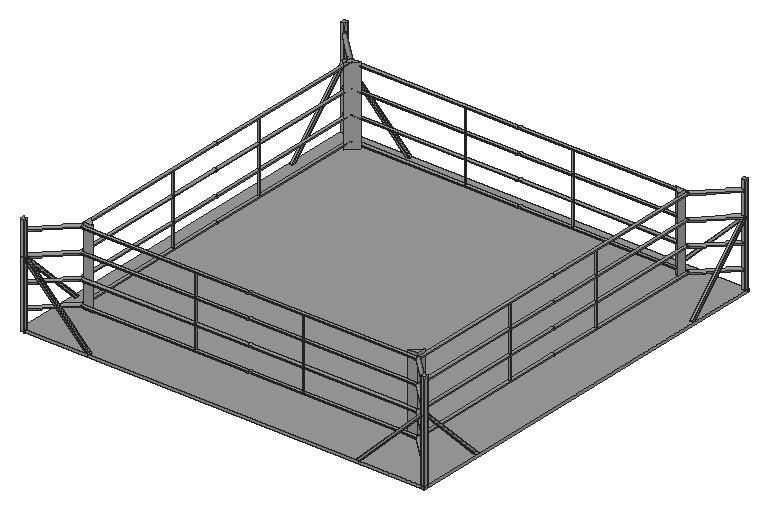
Revit family "Ринг боксерский", category Оборудование, Revit 2017
Family settings
  Размер круглого соединителя = Использовать диаметр
  Тип детали = Нормальный
  На основе рабочей плоскости = Нет
  Всегда вертикально = Да
  При загрузке вырезать с полостями = Нет
  Общий = Нет
  Точка расчета площади = Нет
Parameters
  Ширина = 6000.0 mm
  Примечание = ""
  Обозначение = ""
  Наименование = "Ринг боксерский"
  Масса = "620"
  Код оборудования = ""
  Keynote = ""
  Изготовитель = "Severin"
  Завод = ""
  Единицы = "шт."
  Группа модели = "ТХ"  # constant formula
  Глубина = 6000.0 mm
  Высота = 1500.0 mm
Reference planes
  plane 1 "По центру (Вперед/Назад)": y = 0
  plane 2: z = 0
  plane 3 "По центру (Влево/Вправо)": x = 0
  plane 4: x = 3000
  plane 5: x = -3000
  plane 6: y = -3000
  plane 7: y = 3000
  plane 8: through (1940, -1524, 0) normal (-0.7071, 0, 0.7071)
  plane 9: through (1980, -1524, 40) normal (-0.7071, 0, -0.7071)
  plane 10: z = 0
  plane 11: through (0, -2940, 1000) normal (0, -0.7071, -0.7071)
  plane 12: through (0, -1980, 40) normal (0, 0.7071, -0.7071)
  plane 13: x = 2500
  plane 14: x = -2500
  plane 15: y = -2500
  plane 16: y = 2500
  plane 17: through (2940, -3000, 1200) normal (-0.7071, 0.7071, 0)
  plane 18: z = 1500
  plane 19: y = -2470
  plane 20: z = 0
  plane 21: through (2940, 3000, 1200) normal (0.7071, 0.7071, 0)
  plane 22: y = 2470
  plane 23: z = 0
  plane 24: through (-2940, -3000, 1200) normal (-0.7071, -0.7071, 0)
  plane 25: y = -2470
  plane 26: z = 0
  plane 27: through (-2940, 3000, 1200) normal (0.7071, -0.7071, 0)
  plane 28: y = 2470
Forms (mm)
  Extrusion 1, solid, material "По умолчанию"
    sketch origin (0, 0, 0) x (1, 0, 0) y (0, 1, 0)
      loop
        line (-3000, 3000) -> (-3000, -3000) -> (3000, -3000) -> (3000, 3000) -> (-3000, 3000)
    from 0 to 40
  Extrusion 2, solid, material "По умолчанию"
    sketch origin (0, 0, 0) x (1, 0, 0) y (0, 1, 0)
      loop
        arc (2990, -3000) -> (2997.071, -2997.071) -> (3000, -2990) r 10
        line (3000, -2990) -> (3000, -2950)
        arc (3000, -2950) -> (2997.071, -2942.929) -> (2990, -2940) r 10
        line (2990, -2940) -> (2950, -2940)
        arc (2950, -2940) -> (2942.929, -2942.929) -> (2940, -2950) r 10
        line (2940, -2950) -> (2940, -2990)
        arc (2940, -2990) -> (2942.929, -2997.071) -> (2950, -3000) r 10
        line (2950, -3000) -> (2990, -3000)
    from 0 to 1500
  Extrusion 3, solid, material "По умолчанию"
    sketch origin (1980, -1514, 40) x (0.707107, 0, -0.707107) y (0, -1, 0)
      loop
        arc (41.344, 1471) -> (39.88, 1474.536) -> (36.344, 1476) r 5
        line (36.344, 1476) -> (6.344, 1476)
        arc (6.344, 1476) -> (2.809, 1474.536) -> (1.344, 1471) r 5
        line (1.344, 1471) -> (1.344, 1441)
        arc (1.344, 1441) -> (2.809, 1437.464) -> (6.344, 1436) r 5
        line (6.344, 1436) -> (36.344, 1436)
        arc (36.344, 1436) -> (39.88, 1437.464) -> (41.344, 1441) r 5
        line (41.344, 1441) -> (41.344, 1471)
    from 0 to -1380
  Extrusion 4, solid, material "По умолчанию"
    sketch origin (-10, -1980, 40) x (0, -0.707107, -0.707107) y (-1, 0, 0)
      loop
        line (44.344, -2995) -> (44.344, -2965)
        arc (44.344, -2965) -> (42.879, -2961.464) -> (39.344, -2960) r 5
        line (39.344, -2960) -> (9.344, -2960)
        arc (9.344, -2960) -> (5.808, -2961.464) -> (4.344, -2965) r 5
        line (4.344, -2965) -> (4.344, -2995)
        arc (4.344, -2995) -> (5.808, -2998.536) -> (9.344, -3000) r 5
        line (9.344, -3000) -> (39.344, -3000)
        arc (39.344, -3000) -> (42.879, -2998.536) -> (44.344, -2995) r 5
    from 0 to -1380
  Extrusion 5, solid, material "По умолчанию"
    sketch origin (2940, -3000, 1200) x (-0.707107, -0.707107, 0) y (0, 0, 1)
      loop
        circle (-44.853, -900) r 25
      loop
        circle (-44.853, -550) r 25
      loop
        circle (-44.853, -200) r 25
      loop
        circle (-44.853, 150) r 25
    from 0 to 670
  Extrusion 6, solid, material "По умолчанию"
    sketch origin (0, 0, 0) x (1, 0, 0) y (0, 1, 0)
      loop
        line (2340, -2480) -> (2480, -2480) -> (2480, -2340) -> (2340, -2480)
    from 250 to 1400
  Extrusion 7, solid, material "По умолчанию"
    sketch origin (2470, -2470, 1200) x (-1, 0, 0) y (0, 0, 1)
      loop
        circle (-30, -900) r 20
      loop
        circle (-30, -550) r 20
      loop
        circle (-30, -200) r 20
      loop
        circle (-30, 150) r 20
    from -30 to 2470
  Extrusion 8, solid, material "По умолчанию"
    sketch origin (2500, -2470, 1200) x (0, 1, 0) y (0, 0, 1)
      loop
        circle (-30, -900) r 20
      loop
        circle (-30, -550) r 20
      loop
        circle (-30, -200) r 20
      loop
        circle (-30, 150) r 20
    from 0 to -2500
  Extrusion 9, solid, material "По умолчанию"
    sketch origin (0, 0, 0) x (1, 0, 0) y (0, 1, 0)
      loop
        circle (800, -2500) r 10
      loop
        circle (2500, -800) r 10
    from 300 to 1350
  Extrusion 10, solid, material "По умолчанию"
    sketch origin (0, 0, 0) x (1, 0, 0) y (0, 1, 0)
      loop
        line (2990, 3000) -> (2950, 3000)
        arc (2950, 3000) -> (2942.929, 2997.071) -> (2940, 2990) r 10
        line (2940, 2990) -> (2940, 2950)
        arc (2940, 2950) -> (2942.929, 2942.929) -> (2950, 2940) r 10
        line (2950, 2940) -> (2990, 2940)
        arc (2990, 2940) -> (2997.071, 2942.929) -> (3000, 2950) r 10
        line (3000, 2950) -> (3000, 2990)
        arc (3000, 2990) -> (2997.071, 2997.071) -> (2990, 3000) r 10
    from 0 to 1500
  Extrusion 11, solid, material "По умолчанию"
    sketch origin (1980, 1514, 40) x (0.707107, 0, -0.707107) y (0, -1, 0)
      loop
        line (41.344, -1471) -> (41.344, -1441)
        arc (41.344, -1441) -> (39.88, -1437.464) -> (36.344, -1436) r 5
        line (36.344, -1436) -> (6.344, -1436)
        arc (6.344, -1436) -> (2.809, -1437.464) -> (1.344, -1441) r 5
        line (1.344, -1441) -> (1.344, -1471)
        arc (1.344, -1471) -> (2.809, -1474.536) -> (6.344, -1476) r 5
        line (6.344, -1476) -> (36.344, -1476)
        arc (36.344, -1476) -> (39.88, -1474.536) -> (41.344, -1471) r 5
    from 0 to -1380
  Extrusion 12, solid, material "По умолчанию"
    sketch origin (-10, 1980, 40) x (0, 0.707107, -0.707107) y (1, 0, 0)
      loop
        arc (44.344, 2995) -> (42.879, 2998.536) -> (39.344, 3000) r 5
        line (39.344, 3000) -> (9.344, 3000)
        arc (9.344, 3000) -> (5.808, 2998.536) -> (4.344, 2995) r 5
        line (4.344, 2995) -> (4.344, 2965)
        arc (4.344, 2965) -> (5.808, 2961.464) -> (9.344, 2960) r 5
        line (9.344, 2960) -> (39.344, 2960)
        arc (39.344, 2960) -> (42.879, 2961.464) -> (44.344, 2965) r 5
        line (44.344, 2965) -> (44.344, 2995)
    from 0 to -1380
  Extrusion 13, solid, material "По умолчанию"
    sketch origin (2940, 3000, 1200) x (-0.707107, 0.707107, 0) y (0, 0, -1)
      loop
        circle (-44.853, 900) r 25
      loop
        circle (-44.853, 550) r 25
      loop
        circle (-44.853, 200) r 25
      loop
        circle (-44.853, -150) r 25
    from 0 to 670
  Extrusion 14, solid, material "По умолчанию"
    sketch origin (0, 0, 0) x (1, 0, 0) y (0, 1, 0)
      loop
        line (2340, 2480) -> (2480, 2340) -> (2480, 2480) -> (2340, 2480)
    from 250 to 1400
  Extrusion 15, solid, material "По умолчанию"
    sketch origin (2470, 2470, 1200) x (-1, 0, 0) y (0, 0, -1)
      loop
        circle (-30, 900) r 20
      loop
        circle (-30, 550) r 20
      loop
        circle (-30, 200) r 20
      loop
        circle (-30, -150) r 20
    from -30 to 2470
  Extrusion 16, solid, material "По умолчанию"
    sketch origin (2500, 2470, 1200) x (0, -1, 0) y (0, 0, -1)
      loop
        circle (-30, 900) r 20
      loop
        circle (-30, 550) r 20
      loop
        circle (-30, 200) r 20
      loop
        circle (-30, -150) r 20
    from 0 to -2500
  Extrusion 17, solid, material "По умолчанию"
    sketch origin (0, 0, 0) x (1, 0, 0) y (0, 1, 0)
      loop
        circle (800, 2500) r 10
      loop
        circle (2500, 800) r 10
    from 300 to 1350
  Extrusion 18, solid, material "По умолчанию"
    sketch origin (0, 0, 0) x (-1, 0, 0) y (0, -1, 0)
      loop
        line (2990, 3000) -> (2950, 3000)
        arc (2950, 3000) -> (2942.929, 2997.071) -> (2940, 2990) r 10
        line (2940, 2990) -> (2940, 2950)
        arc (2940, 2950) -> (2942.929, 2942.929) -> (2950, 2940) r 10
        line (2950, 2940) -> (2990, 2940)
        arc (2990, 2940) -> (2997.071, 2942.929) -> (3000, 2950) r 10
        line (3000, 2950) -> (3000, 2990)
        arc (3000, 2990) -> (2997.071, 2997.071) -> (2990, 3000) r 10
    from 0 to 1500
  Extrusion 19, solid, material "По умолчанию"
    sketch origin (-1980, -1514, 40) x (-0.707107, 0, -0.707107) y (0, 1, 0)
      loop
        line (41.344, -1471) -> (41.344, -1441)
        arc (41.344, -1441) -> (39.88, -1437.464) -> (36.344, -1436) r 5
        line (36.344, -1436) -> (6.344, -1436)
        arc (6.344, -1436) -> (2.809, -1437.464) -> (1.344, -1441) r 5
        line (1.344, -1441) -> (1.344, -1471)
        arc (1.344, -1471) -> (2.809, -1474.536) -> (6.344, -1476) r 5
        line (6.344, -1476) -> (36.344, -1476)
        arc (36.344, -1476) -> (39.88, -1474.536) -> (41.344, -1471) r 5
    from 0 to -1380
  Extrusion 20, solid, material "По умолчанию"
    sketch origin (10, -1980, 40) x (0, -0.707107, -0.707107) y (-1, 0, 0)
      loop
        arc (44.344, 2995) -> (42.879, 2998.536) -> (39.344, 3000) r 5
        line (39.344, 3000) -> (9.344, 3000)
        arc (9.344, 3000) -> (5.808, 2998.536) -> (4.344, 2995) r 5
        line (4.344, 2995) -> (4.344, 2965)
        arc (4.344, 2965) -> (5.808, 2961.464) -> (9.344, 2960) r 5
        line (9.344, 2960) -> (39.344, 2960)
        arc (39.344, 2960) -> (42.879, 2961.464) -> (44.344, 2965) r 5
        line (44.344, 2965) -> (44.344, 2995)
    from 0 to -1380
  Extrusion 21, solid, material "По умолчанию"
    sketch origin (-2940, -3000, 1200) x (0.707107, -0.707107, 0) y (0, 0, -1)
      loop
        circle (-44.853, 900) r 25
      loop
        circle (-44.853, 550) r 25
      loop
        circle (-44.853, 200) r 25
      loop
        circle (-44.853, -150) r 25
    from 0 to 670
  Extrusion 22, solid, material "По умолчанию"
    sketch origin (0, 0, 0) x (-1, 0, 0) y (0, -1, 0)
      loop
        line (2340, 2480) -> (2480, 2340) -> (2480, 2480) -> (2340, 2480)
    from 250 to 1400
  Extrusion 23, solid, material "По умолчанию"
    sketch origin (-2470, -2470, 1200) x (1, 0, 0) y (0, 0, -1)
      loop
        circle (-30, 900) r 20
      loop
        circle (-30, 550) r 20
      loop
        circle (-30, 200) r 20
      loop
        circle (-30, -150) r 20
    from -30 to 2470
  Extrusion 24, solid, material "По умолчанию"
    sketch origin (-2500, -2470, 1200) x (0, 1, 0) y (0, 0, -1)
      loop
        circle (-30, 900) r 20
      loop
        circle (-30, 550) r 20
      loop
        circle (-30, 200) r 20
      loop
        circle (-30, -150) r 20
    from 0 to -2500
  Extrusion 25, solid, material "По умолчанию"
    sketch origin (0, 0, 0) x (-1, 0, 0) y (0, -1, 0)
      loop
        circle (800, 2500) r 10
      loop
        circle (2500, 800) r 10
    from 300 to 1350
  Extrusion 26, solid, material "По умолчанию"
    sketch origin (0, 0, 0) x (-1, 0, 0) y (0, -1, 0)
      loop
        arc (2990, -3000) -> (2997.071, -2997.071) -> (3000, -2990) r 10
        line (3000, -2990) -> (3000, -2950)
        arc (3000, -2950) -> (2997.071, -2942.929) -> (2990, -2940) r 10
        line (2990, -2940) -> (2950, -2940)
        arc (2950, -2940) -> (2942.929, -2942.929) -> (2940, -2950) r 10
        line (2940, -2950) -> (2940, -2990)
        arc (2940, -2990) -> (2942.929, -2997.071) -> (2950, -3000) r 10
        line (2950, -3000) -> (2990, -3000)
    from 0 to 1500
  Extrusion 27, solid, material "По умолчанию"
    sketch origin (-1980, 1514, 40) x (-0.707107, 0, -0.707107) y (0, 1, 0)
      loop
        arc (41.344, 1471) -> (39.88, 1474.536) -> (36.344, 1476) r 5
        line (36.344, 1476) -> (6.344, 1476)
        arc (6.344, 1476) -> (2.809, 1474.536) -> (1.344, 1471) r 5
        line (1.344, 1471) -> (1.344, 1441)
        arc (1.344, 1441) -> (2.809, 1437.464) -> (6.344, 1436) r 5
        line (6.344, 1436) -> (36.344, 1436)
        arc (36.344, 1436) -> (39.88, 1437.464) -> (41.344, 1441) r 5
        line (41.344, 1441) -> (41.344, 1471)
    from 0 to -1380
  Extrusion 28, solid, material "По умолчанию"
    sketch origin (10, 1980, 40) x (0, 0.707107, -0.707107) y (1, 0, 0)
      loop
        line (44.344, -2995) -> (44.344, -2965)
        arc (44.344, -2965) -> (42.879, -2961.464) -> (39.344, -2960) r 5
        line (39.344, -2960) -> (9.344, -2960)
        arc (9.344, -2960) -> (5.808, -2961.464) -> (4.344, -2965) r 5
        line (4.344, -2965) -> (4.344, -2995)
        arc (4.344, -2995) -> (5.808, -2998.536) -> (9.344, -3000) r 5
        line (9.344, -3000) -> (39.344, -3000)
        arc (39.344, -3000) -> (42.879, -2998.536) -> (44.344, -2995) r 5
    from 0 to -1380
  Extrusion 29, solid, material "По умолчанию"
    sketch origin (-2940, 3000, 1200) x (0.707107, 0.707107, 0) y (0, 0, 1)
      loop
        circle (-44.853, -900) r 25
      loop
        circle (-44.853, -550) r 25
      loop
        circle (-44.853, -200) r 25
      loop
        circle (-44.853, 150) r 25
    from 0 to 670
  Extrusion 30, solid, material "По умолчанию"
    sketch origin (0, 0, 0) x (-1, 0, 0) y (0, -1, 0)
      loop
        line (2340, -2480) -> (2480, -2480) -> (2480, -2340) -> (2340, -2480)
    from 250 to 1400
  Extrusion 31, solid, material "По умолчанию"
    sketch origin (-2470, 2470, 1200) x (1, 0, 0) y (0, 0, 1)
      loop
        circle (-30, -900) r 20
      loop
        circle (-30, -550) r 20
      loop
        circle (-30, -200) r 20
      loop
        circle (-30, 150) r 20
    from -30 to 2470
  Extrusion 32, solid, material "По умолчанию"
    sketch origin (-2500, 2470, 1200) x (0, -1, 0) y (0, 0, 1)
      loop
        circle (-30, -900) r 20
      loop
        circle (-30, -550) r 20
      loop
        circle (-30, -200) r 20
      loop
        circle (-30, 150) r 20
    from 0 to -2500
  Extrusion 33, solid, material "По умолчанию"
    sketch origin (0, 0, 0) x (-1, 0, 0) y (0, -1, 0)
      loop
        circle (800, -2500) r 10
      loop
        circle (2500, -800) r 10
    from 300 to 1350
Lines and regions (mm)
  model lines, detail levels coarse+medium
    curve 1: line (3000, -2940, 0) -> (2940, -3000, 0)
    curve 2: line (3000, -3000, 0) -> (2940, -2940, 0)
    curve 3: line (3000, 2940, 0) -> (2940, 3000, 0)
    curve 4: line (3000, 3000, 0) -> (2940, 2940, 0)
    curve 5: line (-3000, -2940, 0) -> (-2940, -3000, 0)
    curve 6: line (-3000, -3000, 0) -> (-2940, -2940, 0)
    curve 7: line (-3000, 2940, 0) -> (-2940, 3000, 0)
    curve 8: line (-3000, 3000, 0) -> (-2940, 2940, 0)
Dimensions and locks
  aligned and locked: level to plane 2
